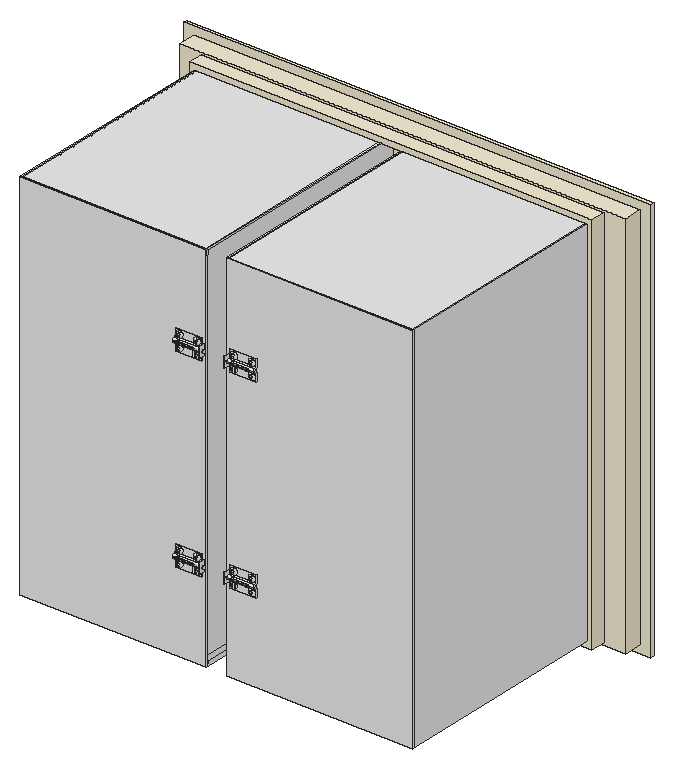
Revit family "Mailboxes_4C-Salsbury_Industries-Rear_Load-7_Door_High_Units", category Specialty Equipment, host Wall, Revit 2016 (continued)
Definition of nested family "3700 Series 4C OM2 Configuration"
  Types (3): name | Access Lock Offset | Access Lock | Model | Description
    (no name) | 0.3125" | no | "3700OM2-RL" | "OM2 Door for 3700 Series 4C Mailboxes-Rear Loading"
    OM2-FL | 0.000" | yes | "3700OM2-FL" | "OM2 Door for 3700 Series 4C Mailboxes-Front Loading"
    OM2-RL | 0.3125" | no | "3700OM2-RL" | "OM2 Door for 3700 Series 4C Mailboxes-Rear Loading"
  Reference planes (in)
    plane 1 "Center (Front/Back)": y = 0
    plane 2 "Bottom of Door": z = 0
    plane 3 "Center (Left/Right)": x = 0
    plane 4 "Left Side Face of Door": x = -6.6875
    plane 5 "Right Side Face of Door": x = 6.6875
    plane 6 "Back Face of Door": y = 0.12695
    plane 7 "Front Face of Door": y = -0.12695
    plane 8: z = 3.23047
    plane 9: z = 1.61523
    plane 10: y = -0.46995
    plane 11 "Center Lock Vertical": x = -4.3275
    plane 12 "Center Lock Horizontal": z = 1.61523
    plane 13 "Face of Lock": y = -0.42383
    plane 14 "Divider Height Align": z = 3.50047
    plane 15 "Plate Center": x = -0.16063
    plane 16 "Left Stud Align": x = -5.7025
    plane 17 "Right Stud Align": x = -2.8895
    plane 18 "Top Stud Align": z = 2.27147
    plane 19 "Bottom Stud Align": z = 0.95947
    plane 20 "Hinge Stud Align": x = 5.6875
    plane 21 "Mail Plate Top": z = 2.61547
    plane 22 "Mail Plate Bottom": z = 0.61547
    plane 23: x = -2.1595
    plane 24: x = 1.8405
    plane 25 "Face of Mail Plate": y = -0.16602
    plane 26 "Top of Mail Drop Door": z = 6.73094
    plane 27 "Top of Mail Drop Divider": z = 7.00047
    plane 28 "Face of Mail Drop": y = -0.31995
    plane 29 "Top of Mail Slot": z = 6.42087
    plane 30 "Bottom of Mail Slot": z = 5.67087
    plane 31 "Left Edge of Mail Slot": x = -5.3755
    plane 32 "Right Edge of Mail Slot": x = 5.3755
    plane 33 "Mail Slot Bottom Protusion": z = 6.50987
    plane 34: y = -0.49395
    plane 35: z = 6.15637
    plane 36 "Front of Awning": y = -1.63495
    plane 37: y = -1.15685
    plane 38 "Mail Slot Slope": through (-240, -0.44582, 6.9722) normal (0, -0.5, 0.866)
    plane 39 "Access Lock Offset": y = 0.43945
  Forms (in)
    Extrusion 1, solid, material <- "Front Panel Material"
      sketch origin (0, 0, 0) x (1, 0, 0) y (0, 1, 0)
        loop
          line (-6.4355, 0.12695) -> (-6.6875, -0.05445) -> (-6.6875, -0.12695) -> (6.05625, -0.12695)
          arc (6.05625, -0.12695) -> (6.19558, -0.17661) -> (6.27209, -0.3032) r 0.22029
          arc (6.27209, -0.3032) -> (6.3553, -0.42132) -> (6.4925, -0.46664) r 0.23034
          arc (6.4925, -0.46664) -> (6.63039, -0.40952) -> (6.6875, -0.27164) r 0.195
          line (6.6875, -0.27164) -> (6.6875, 0.12695) -> (-6.4355, 0.12695)
      from 0 to 3.23047
    Extrusion 2, solid, material <- "Front Panel Material"
      sketch origin (0, 0, 3.50047) x (-1, 0, 0) y (0, -1, 0)
        loop
          line (6.6875, -0.12695) -> (6.6875, 0.46995) -> (-6.6875, 0.46995) -> (-6.6875, -0.12695) -> (6.6875, -0.12695)
      from -0.27 to 0
    Extrusion 3, void
      sketch origin (0, 0.43945, 0) x (0, 0, -1) y (-1, 0, 0)
        loop
          circle (-1.61523, 4.3275) r 0.4375
      from 0 to -0.25391
    Extrusion 4, solid, material <- "Lock Material", visible <- "Access Lock"
      sketch origin (0, 0.43945, 0) x (0, 0, -1) y (-1, 0, 0)
        loop
          circle (-1.61523, 4.3275) r 0.42913
      from 0 to -0.25391
    Extrusion 5, void, detail levels fine
      sketch origin (0, 0.12695, 3.4) x (-1, 0, 0) y (0, 0, 1)
        loop
          line (4.3568, -1.47517) -> (4.2982, -1.47517) -> (4.2982, -2.09436) -> (4.3568, -2.09436) -> (4.3568, -1.47517)
      from -0.12695 to -0.25391
    Blend 6, solid, material <- "Front Panel Material", detail levels medium+fine
      base sketch origin (0, -0.12695, 2.68123) x (-1, 0, 0) y (0, 0, 1)
        loop
          circle (5.7025, -0.40977) r 0.15665
      top sketch origin (0, -0.12695, 2.68123) x (-1, 0, 0) y (0, 0, 1)
        loop
          circle (5.7025, -0.40977) r 0.3125
      from -0.11328 to 0
    Blend 7, solid, material <- "Front Panel Material", detail levels medium+fine
      base sketch origin (1.3125, -0.12695, 2.68123) x (-1, 0, 0) y (0, 0, 1)
        loop
          circle (4.202, -0.40977) r 0.15665
      top sketch origin (1.3125, -0.12695, 2.68123) x (-1, 0, 0) y (0, 0, 1)
        loop
          circle (4.202, -0.40977) r 0.3125
      from -0.11328 to 0
    Blend 8, solid, material <- "Front Panel Material", detail levels medium+fine
      base sketch origin (0, -0.12695, 1.36923) x (-1, 0, 0) y (0, 0, 1)
        loop
          circle (5.7025, -0.40977) r 0.15665
      top sketch origin (0, -0.12695, 1.36923) x (-1, 0, 0) y (0, 0, 1)
        loop
          circle (5.7025, -0.40977) r 0.3125
      from -0.11328 to 0
    Blend 9, solid, material <- "Front Panel Material", detail levels medium+fine
      base sketch origin (1.3125, -0.12695, 1.36923) x (-1, 0, 0) y (0, 0, 1)
        loop
          circle (4.202, -0.40977) r 0.15665
      top sketch origin (1.3125, -0.12695, 1.36923) x (-1, 0, 0) y (0, 0, 1)
        loop
          circle (4.202, -0.40977) r 0.3125
      from -0.11328 to 0
    Blend 10, solid, material <- "Front Panel Material", detail levels medium+fine
      base sketch origin (9.8895, -0.12695, 2.68123) x (-1, 0, 0) y (0, 0, 1)
        loop
          circle (4.202, -0.40977) r 0.15665
      top sketch origin (9.8895, -0.12695, 2.68123) x (-1, 0, 0) y (0, 0, 1)
        loop
          circle (4.202, -0.40977) r 0.3125
      from -0.11328 to 0
    Blend 11, solid, material <- "Front Panel Material", detail levels medium+fine
      base sketch origin (9.8895, -0.12695, 1.36923) x (-1, 0, 0) y (0, 0, 1)
        loop
          circle (4.202, -0.40977) r 0.15665
      top sketch origin (9.8895, -0.12695, 1.36923) x (-1, 0, 0) y (0, 0, 1)
        loop
          circle (4.202, -0.40977) r 0.3125
      from -0.11328 to 0
    Extrusion 12, solid, material <- "Lock Material"
      sketch origin (0, -0.12695, 0) x (-1, 0, 0) y (0, 0, 1)
        loop
          line (1.96028, 2.61547) -> (-1.64128, 2.61547)
          arc (-1.64128, 2.61547) -> (-1.78215, 2.55712) -> (-1.8405, 2.41625) r 0.19922
          line (-1.8405, 2.41625) -> (-1.8405, 0.81469)
          arc (-1.8405, 0.81469) -> (-1.78215, 0.67382) -> (-1.64128, 0.61547) r 0.19922
          line (-1.64128, 0.61547) -> (1.96028, 0.61547)
          arc (1.96028, 0.61547) -> (2.10115, 0.67382) -> (2.1595, 0.81469) r 0.19922
          line (2.1595, 0.81469) -> (2.1595, 2.41625)
          arc (2.1595, 2.41625) -> (2.10115, 2.55712) -> (1.96028, 2.61547) r 0.19922
      from 0 to -0.03906
    Extrusion 13, solid, material <- "Front Panel Material"
      sketch origin (-2.13946, 0, 3.50047) x (-1, 0, 0) y (0, -1, 0)
        loop
          line (4.54804, -0.12695) -> (4.54804, 0.31995) -> (-8.82696, 0.31995) -> (-8.82696, -0.12695) -> (4.54804, -0.12695)
      from 0 to 3.0094
    Extrusion 14, void
      sketch origin (0, -0.31995, 0) x (0, 0, -1) y (-1, 0, 0)
        loop
          arc (-5.67087, 5.0005) -> (-6.04587, 5.3755) -> (-6.42087, 5.0005) r 0.375
          line (-6.42087, 5.0005) -> (-6.42087, -5.0005)
          arc (-6.42087, -5.0005) -> (-6.04587, -5.3755) -> (-5.67087, -5.0005) r 0.375
          line (-5.67087, -5.0005) -> (-5.67087, 5.0005)
      from 0 to 0.44691
    Extrusion 15, solid, material <- "Front Panel Material"
      sketch origin (0, 0, 0) x (0, 1, 0) y (0, 0, 1)
        loop
          line (0.12695, 6.50987) -> (0.12695, 7.00047) -> (-0.46995, 7.00047) -> (-0.75605, 6.83078) -> (-0.73973, 6.80251) -> (-1.27431, 6.49388) -> (-1.29063, 6.52214) -> (-1.61027, 6.3376)
          arc (-1.61027, 6.3376) -> (-1.63087, 6.31111) -> (-1.62714, 6.27777) r 0.04454
          line (-1.62714, 6.27777) -> (-1.5282, 6.17883)
          arc (-1.5282, 6.17883) -> (-1.4937, 6.16211) -> (-1.4558, 6.15637) r 0.12791
          line (-1.4558, 6.15637) -> (-1.10623, 6.15637) -> (-0.49395, 6.50987) -> (0.12695, 6.50987)
      from -6.6875 to 6.6875
  Cuts and joins
    Extrusion 3 cuts Extrusion 1
    Extrusion 5 cuts Extrusion 4
    Extrusion 14 cuts Extrusion 13
  Lines and regions (in)
    symbolic lines
      curve 1: circle (-5.7025, -0.12695, 2.27147) r 0.3125 normal (0, 1, 0)
      curve 2: circle (-5.7025, -0.12695, 0.95947) r 0.3125 normal (0, 1, 0)
      curve 3: circle (-2.8895, -0.12695, 0.95947) r 0.3125 normal (0, 1, 0)
      curve 4: circle (-2.8895, -0.12695, 2.27147) r 0.3125 normal (0, 1, 0)
      curve 5: circle (-4.3275, -0.12695, 1.61523) r 0.42913 normal (0, 1, 0)
      curve 6: circle (5.6875, -0.12695, 0.95947) r 0.3125 normal (0, 1, 0)
      curve 7: circle (5.6875, -0.12695, 2.27147) r 0.3125 normal (0, 1, 0)
      curve 8: arc (-2.1595, -0.12695, 2.41625) -> (-2.10115, -0.12695, 2.55712) -> (-1.96028, -0.12695, 2.61547) r 0.19922
      curve 9: arc (1.8405, -0.12695, 2.41625) -> (1.78215, -0.12695, 2.55712) -> (1.64128, -0.12695, 2.61547) r 0.19922
      curve 10: arc (1.8405, -0.12695, 0.81469) -> (1.78215, -0.12695, 0.67382) -> (1.64128, -0.12695, 0.61547) r 0.19922
      curve 11: arc (-1.96028, -0.12695, 0.61547) -> (-2.10115, -0.12695, 0.67382) -> (-2.1595, -0.12695, 0.81469) r 0.19922
      curve 12: line (-2.1595, -0.12695, 0.81469) -> (-2.1595, -0.12695, 2.41625)
      curve 13: line (-1.96028, -0.12695, 2.61547) -> (1.64128, -0.12695, 2.61547)
      curve 14: line (1.8405, -0.12695, 2.41625) -> (1.8405, -0.12695, 0.81469)
      curve 15: line (1.64128, -0.12695, 0.61547) -> (-1.96028, -0.12695, 0.61547)
  Dimensions and locks (in)
    equal spacing: plane 6 "Back Face of Door", plane 1 "Center (Front/Back)", plane 7 "Front Face of Door"
    "Door Depth": plane 6 "Back Face of Door" to plane 7 "Front Face of Door"
    equal spacing: plane 4 "Left Side Face of Door", plane 3 "Center (Left/Right)", plane 5 "Right Side Face of Door"
    "Door Width": plane 4 "Left Side Face of Door" to plane 5 "Right Side Face of Door"
    plane 8 to level = 3.23047"
    equal spacing: plane 8, plane 9, level
    locked: plane 7 "Front Face of Door" to plane 10 at 0.343
    "Center Lock-Vertical": plane 4 "Left Side Face of Door" to plane 11 "Center Lock Vertical"
    "Center Lock-Horizontal": plane 8 to plane 12 "Center Lock Horizontal"
    locked: plane 14 "Divider Height Align" to plane 8 at 0.27
    plane 4 "Left Side Face of Door" to plane 16 "Left Stud Align" to plane 17 "Right Stud Align" = 0.985", 2.813"
    plane 8 to plane 18 "Top Stud Align" to plane 19 "Bottom Stud Align" = 0.959", 1.312"
    plane 20 "Hinge Stud Align" to plane 5 "Right Side Face of Door" = 1.000"
    plane 8 to plane 21 "Mail Plate Top" to plane 22 "Mail Plate Bottom" = 0.615", 2.000"
    plane 4 "Left Side Face of Door" to plane 23 to plane 24 = 4.528", 4.000"
    plane 27 "Top of Mail Drop Divider" to plane 26 "Top of Mail Drop Door" to plane 14 "Divider Height Align" = 0.26953" locked, 3.23047"
    "Door Height": plane 27 "Top of Mail Drop Divider" to level
    plane 28 "Face of Mail Drop" to plane 10 = 0.150"
    locked: plane 27 "Top of Mail Drop Divider" to plane 29 "Top of Mail Slot" at 0.5796
    locked: plane 29 "Top of Mail Slot" to plane 30 "Bottom of Mail Slot" at 0.75
    locked: plane 4 "Left Side Face of Door" to plane 31 "Left Edge of Mail Slot" at 1.312
    locked: plane 32 "Right Edge of Mail Slot" to plane 5 "Right Side Face of Door" at 1.312
    locked: plane 33 "Mail Slot Bottom Protusion" to plane 29 "Top of Mail Slot" at 0.089
    plane 28 "Face of Mail Drop" to plane 34 = 0.174"
    plane 33 "Mail Slot Bottom Protusion" to plane 35 = 0.3535"
    plane 28 "Face of Mail Drop" to plane 36 "Front of Awning" = 1.315"
    plane 4 "Left Side Face of Door" to plane 5 "Right Side Face of Door" = 13.375"
    plane 6 "Back Face of Door" to plane 36 "Front of Awning" = 1.76191"
    "Access Lock Offset": plane 39 "Access Lock Offset" to plane 6 "Back Face of Door"
    aligned and locked: level to plane 2 "Bottom of Door"
    aligned and locked: plane 4 "Left Side Face of Door" to Extrusion 1
    aligned and locked: plane 6 "Back Face of Door" to Extrusion 1
    aligned and locked: plane 7 "Front Face of Door" to Extrusion 1
    aligned and locked: Extrusion 1 to level
    aligned and locked: plane 8 to Extrusion 1
    aligned and locked: Extrusion 2 sketch curve to plane 4 "Left Side Face of Door"
    aligned and locked: Extrusion 2 sketch curve to plane 6 "Back Face of Door"
    aligned and locked: plane 5 "Right Side Face of Door" to Extrusion 2 sketch curve
    aligned and locked: Extrusion 2 to plane 8
    aligned and locked: plane 10 to Extrusion 2 sketch curve
    aligned and locked: plane 14 "Divider Height Align" to Extrusion 2
    aligned and locked: plane 4 "Left Side Face of Door" to Extrusion 2
    aligned and locked: Extrusion 2 to plane 5 "Right Side Face of Door"
    aligned and locked: Extrusion 13 to plane 28 "Face of Mail Drop"
    aligned and locked: plane 29 "Top of Mail Slot" to Extrusion 14 sketch curve
    aligned and locked: cut or joined group of Extrusion 13, Extrusion 14 to cut or joined group of Extrusion 13, Extrusion 14
    aligned and locked: cut or joined group of Extrusion 1, Extrusion 3 to plane 2 "Bottom of Door"
  Automatic sketch dimensions
    Extrusion 1 sketch curve to plane 4 "Left Side Face of Door" = 0.000"
    Extrusion 1 sketch curve to plane 6 "Back Face of Door" = 0.000"
    Extrusion 1 sketch curve to plane 7 "Front Face of Door" = 0.000"
    Extrusion 1 sketch curve to plane 5 "Right Side Face of Door" = 0.000"
    Extrusion 1 sketch curve to plane 4 "Left Side Face of Door" = 0.252"
    Extrusion 1 sketch curve to plane 20 "Hinge Stud Align" = 0.36875"
    Extrusion 1 sketch curve to plane 25 "Face of Mail Plate" = 0.07029"
    plane 5 "Right Side Face of Door" to Extrusion 1 sketch curve = 0.195"
    Extrusion 1 sketch curve to plane 25 "Face of Mail Plate" = 0.10562"
    Extrusion 1 sketch curve to plane 13 "Face of Lock" = 0.07658"
    plane 1 "Center (Front/Back)" to Extrusion 1 sketch curve = 0.05445"
    Extrusion 1 sketch curve to plane 13 "Face of Lock" = 0.12063"
    Extrusion 5 sketch curve to plane 11 "Center Lock Vertical" = 0.0293"
    plane 11 "Center Lock Vertical" to Extrusion 5 sketch curve = 0.0293"
    Extrusion 5 sketch curve to plane 9 = 0.30959"
    plane 9 to Extrusion 5 sketch curve = 0.30959"
    plane 16 "Left Stud Align" to Blend 6 sketch curve = 0.000"  (x2)
    Blend 6 sketch curve to plane 18 "Top Stud Align" = 0.000"  (x2)
    plane 17 "Right Stud Align" to Blend 7 sketch curve = 0.000"  (x2)
    Blend 7 sketch curve to plane 18 "Top Stud Align" = 0.000"  (x2)
    plane 16 "Left Stud Align" to Blend 8 sketch curve = 0.000"  (x2)
    Blend 8 sketch curve to plane 19 "Bottom Stud Align" = 0.000"  (x2)
    plane 17 "Right Stud Align" to Blend 9 sketch curve = 0.000"  (x2)
    Blend 9 sketch curve to plane 19 "Bottom Stud Align" = 0.000"  (x2)
    Blend 10 sketch curve to plane 18 "Top Stud Align" = 0.000"  (x2)
    plane 20 "Hinge Stud Align" to Blend 10 sketch curve = 0.000"  (x2)
    Blend 11 sketch curve to plane 19 "Bottom Stud Align" = 0.000"  (x2)
    plane 20 "Hinge Stud Align" to Blend 11 sketch curve = 0.000"  (x2)
    plane 24 to Extrusion 12 sketch curve = 0.000"
    Extrusion 12 sketch curve to plane 22 "Mail Plate Bottom" = 0.000"
    Extrusion 12 sketch curve to plane 21 "Mail Plate Top" = 0.000"
    plane 23 to Extrusion 12 sketch curve = 0.000"
    plane 24 to Extrusion 12 sketch curve = 0.19922"  (x2)
    plane 18 "Top Stud Align" to Extrusion 12 sketch curve = 0.14478"
    Extrusion 12 sketch curve to plane 23 = 0.19922"
    Extrusion 13 sketch curve to plane 5 "Right Side Face of Door" = 0.000"
    Extrusion 13 sketch curve to plane 4 "Left Side Face of Door" = 0.000"
    Extrusion 13 sketch curve to plane 6 "Back Face of Door" = 0.000"
    Extrusion 13 sketch curve to plane 7 "Front Face of Door" = 0.193"
    Extrusion 14 sketch curve to plane 30 "Bottom of Mail Slot" = 0.000"
    plane 32 "Right Edge of Mail Slot" to Extrusion 14 sketch curve = 0.375"
    Extrusion 14 sketch curve to plane 31 "Left Edge of Mail Slot" = 0.375"
    Extrusion 15 sketch curve to plane 35 = 0.000"
    Extrusion 15 sketch curve to plane 33 "Mail Slot Bottom Protusion" = 0.000"
    Extrusion 15 sketch curve to plane 34 = 0.000"
    Extrusion 15 sketch curve to plane 27 "Top of Mail Drop Divider" = 0.000"
    Extrusion 15 sketch curve to plane 6 "Back Face of Door" = 0.000"
    plane 26 "Top of Mail Drop Door" to Extrusion 15 sketch curve = 0.07158"
    Extrusion 15 sketch curve to plane 34 = 0.24578"
    plane 26 "Top of Mail Drop Door" to Extrusion 15 sketch curve = 0.09984"
    Extrusion 15 sketch curve to Extrusion 15 sketch curve = 0.01632"
    plane 37 to Extrusion 15 sketch curve = 0.05062"
    Extrusion 15 sketch curve to plane 33 "Mail Slot Bottom Protusion" = 0.01599"
    plane 33 "Mail Slot Bottom Protusion" to Extrusion 15 sketch curve = 0.01227"
    plane 36 "Front of Awning" to Extrusion 15 sketch curve = 0.17915"
    plane 35 to Extrusion 15 sketch curve = 0.02246"
    Extrusion 15 sketch curve to Extrusion 15 sketch curve = 0.0724"
    plane 36 "Front of Awning" to Extrusion 15 sketch curve = 0.04696"
    plane 36 "Front of Awning" to Extrusion 15 sketch curve = 0.02469"
    plane 36 "Front of Awning" to Extrusion 15 sketch curve = 0.00781"
    Extrusion 15 sketch curve to Extrusion 15 sketch curve = 0.05983"
    Extrusion 4 sketch curve to plane 9 = 0.000"
    plane 11 "Center Lock Vertical" to Extrusion 4 sketch curve = 0.000"
    Extrusion 3 sketch curve to plane 9 = 0.000"
    plane 11 "Center Lock Vertical" to Extrusion 3 sketch curve = 0.000"
    curve 6 to plane 19 "Bottom Stud Align" = 0.000"
    plane 20 "Hinge Stud Align" to curve 6 = 0.000"
    curve 7 to plane 18 "Top Stud Align" = 0.000"
    plane 20 "Hinge Stud Align" to curve 7 = 0.000"
    plane 24 to curve 14 = 0.000"
    curve 9 to plane 21 "Mail Plate Top" = 0.000"
    curve 11 to plane 22 "Mail Plate Bottom" = 0.000"
    plane 23 to curve 12 = 0.000"
    plane 17 "Right Stud Align" to curve 4 = 0.000"
    plane 17 "Right Stud Align" to curve 3 = 0.000"
    curve 5 to plane 9 = 0.000"
    plane 11 "Center Lock Vertical" to curve 5 = 0.000"
    plane 16 "Left Stud Align" to curve 1 = 0.000"
    plane 16 "Left Stud Align" to curve 2 = 0.000"
    curve 2 to plane 19 "Bottom Stud Align" = 0.000"
    curve 3 to plane 19 "Bottom Stud Align" = 0.000"
    curve 1 to plane 18 "Top Stud Align" = 0.000"
    curve 4 to plane 18 "Top Stud Align" = 0.000"
    plane 18 "Top Stud Align" to curve 9 = 0.14478"
    curve 10 to plane 19 "Bottom Stud Align" = 0.14478"
    plane 18 "Top Stud Align" to curve 8 = 0.14478"
    curve 11 to plane 19 "Bottom Stud Align" = 0.14478"
    radius of Blend 6 sketch curve = 0.15665"
    radius of Blend 6 sketch curve = 0.3125"
    radius of Blend 7 sketch curve = 0.15665"
    radius of Blend 7 sketch curve = 0.3125"
    radius of Blend 8 sketch curve = 0.15665"
    radius of Blend 8 sketch curve = 0.3125"
    radius of Blend 9 sketch curve = 0.15665"
    radius of Blend 9 sketch curve = 0.3125"
    radius of Blend 10 sketch curve = 0.15665"
    radius of Blend 10 sketch curve = 0.3125"
    radius of Blend 11 sketch curve = 0.15665"
    radius of Blend 11 sketch curve = 0.3125"
    radius of Extrusion 4 sketch curve = 0.42913"
    radius of Extrusion 3 sketch curve = 0.4375"
    radius of curve 1 = 0.3125"
    radius of curve 2 = 0.3125"
    radius of curve 3 = 0.3125"
    radius of curve 4 = 0.3125"
    radius of curve 5 = 0.42913"
    radius of curve 6 = 0.3125"
    radius of curve 7 = 0.3125"
Definition of nested family "4C Latch Lock"
  Parameters (values of type "Lock Latch")
    Width = 1.750"
    Type Comments = "Lock Latch for Aluminum Mailboxes"
    Visible Latch = yes
    Manufacturer = "Salsbury Industries"
    Height = 1.375"
    Depth = 0.244"
    Back Enclosure Material = none
  Reference planes (in)
    plane 1 "Center (Front/Back)": y = 0
    plane 2 "left": z = 0
    plane 3 "Center (Left/Right)": x = 0
    plane 4 "top": x = -0.875
    plane 5 "bottom": x = 0.875
    plane 6 "Front": y = 0.122
    plane 7 "Back": y = -0.122
    plane 8 "Vertical Center": z = 0.6875
    plane 9 "right": z = 1.375
    plane 10: x = -1
    plane 11: x = -1.125
  Forms (in)
    Extrusion 1, solid, material <- "Back Enclosure Material", visible <- "Visible Latch", detail levels medium+fine
      sketch origin (-0.67187, 0, 0.67188) x (0, 0, -1) y (0, 1, 0)
        loop
          line (-0.22131, -0.0902) -> (-0.70312, -0.0902) -> (-0.70312, -0.12209) -> (-0.22129, -0.12209)
          arc (-0.22129, -0.12209) -> (-0.1389, -0.08579) -> (-0.11009, -0.00048) r 0.11165
          arc (-0.11009, -0.00048) -> (-0.01599, 0.09362) -> (0.07812, -0.00048) r 0.09411
          arc (0.07812, -0.00048) -> (0.10866, -0.08591) -> (0.19189, -0.122) r 0.11401
          line (0.19189, -0.122) -> (0.67187, -0.122) -> (0.67187, -0.08954) -> (0.19205, -0.08954)
          arc (0.19205, -0.08954) -> (0.13091, -0.06294) -> (0.10869, -0.00006) r 0.08357
          arc (0.10869, -0.00006) -> (-0.01625, 0.12487) -> (-0.14118, -0.00006) r 0.12494
          arc (-0.14118, -0.00006) -> (-0.16101, -0.06312) -> (-0.22131, -0.0902) r 0.08069
      from -0.20313 to 1.54687
    Extrusion 2, void, detail levels medium+fine
      sketch origin (-0.86719, 0.122, 0.78906) x (0, 0, -1) y (1, 0, 0)
        loop
          line (0.02064, 1.43976) -> (0.02064, 0.31562) -> (0.29045, 0.31562) -> (0.29045, 0.47278) -> (0.12796, 0.47278) -> (0.12796, 1.28526) -> (0.27447, 1.28526) -> (0.27447, 1.43976) -> (0.02064, 1.43976)
      from -0.01091 to 0.1442
    Blend 3, solid, material <- "Back Enclosure Material", visible <- "Visible Latch", detail levels fine
      base sketch origin (-0.95312, 0.122, 0.96875) x (0, 0, -1) y (1, 0, 0)
        loop
          circle (-0.1252, 1.55349) r 0.1
      top sketch origin (-0.95312, 0.122, 0.96875) x (0, 0, -1) y (1, 0, 0)
        loop
          circle (-0.1252, 1.55349) r 0.215
      from 0.16742 to 0.21154
    Blend 4, solid, material <- "Back Enclosure Material", visible <- "Visible Latch", detail levels fine
      base sketch origin (-0.95312, 0.122, -0.54015) x (0, 0, -1) y (1, 0, 0)
        loop
          circle (-0.8037, 1.55349) r 0.1
      top sketch origin (-0.95312, 0.122, -0.54015) x (0, 0, -1) y (1, 0, 0)
        loop
          circle (-0.8037, 1.55349) r 0.215
      from 0.16742 to 0.21154
    Blend 5, solid, material <- "Back Enclosure Material", visible <- "Visible Latch", detail levels fine
      base sketch origin (-1.95312, 0.122, 0.96875) x (0, 0, -1) y (1, 0, 0)
        loop
          circle (-0.1252, 1.36599) r 0.1
      top sketch origin (-1.95312, 0.122, 0.96875) x (0, 0, -1) y (1, 0, 0)
        loop
          circle (-0.1252, 1.36599) r 0.215
      from 0.16742 to 0.21154
    Blend 6, solid, material <- "Back Enclosure Material", visible <- "Visible Latch", detail levels fine
      base sketch origin (-1.95312, 0.122, -0.55578) x (0, 0, -1) y (1, 0, 0)
        loop
          circle (-0.8037, 1.36599) r 0.1
      top sketch origin (-1.95312, 0.122, -0.55578) x (0, 0, -1) y (1, 0, 0)
        loop
          circle (-0.8037, 1.36599) r 0.215
      from 0.16742 to 0.21154
    Extrusion 7, solid, material <- "Back Enclosure Material", visible <- "Visible Latch", detail levels medium+fine
      sketch origin (-1.22585, -7.77812, 0.87452) x (0, 0, -1) y (0, 1, 0)
        loop
          circle (0.18702, 7.77784) r 0.09014
      from 0.10085 to 2.10085
    Extrusion 8, solid, material <- "Back Enclosure Material", visible <- "Visible Latch", detail levels medium+fine
      sketch origin (-0.59584, -7.78798, 0.67188) x (1, 0, 0) y (0, 1, 0)
        loop
          circle (0.12087, 7.81979) r 0.05
      from 0.01562 to -0.5
    Extrusion 9, solid, material <- "Back Enclosure Material", visible <- "Visible Latch", detail levels medium+fine
      sketch origin (-1.09375, -0.02845, 1.02999) x (0, 0, -1) y (1, 0, 0)
        loop
          line (0.68574, 0.09375) -> (0.68574, 0.12475) -> (-0.00176, 0.12475) -> (-0.00176, 0.09375) -> (0.68574, 0.09375)
      from -0.25 to 0.09355
    Extrusion 10, void, detail levels medium+fine
      sketch origin (-0.969, -7.77845, 0.87437) x (0, 0, -1) y (0, -1, 0)
        loop
          circle (0.18637, -7.77776) r 0.09325
      from 0 to 0.031
  Cuts and joins
    Extrusion 2 cuts Extrusion 1
    Extrusion 10 cuts Extrusion 9
  Lines and regions (in)
    symbolic lines
      curve 1: line (0.875, 0.122, 1.375) -> (-0.875, 0.122, 1.375)
      curve 2: line (0.875, 0.122, 0) -> (0.875, 0.122, 1.375)
      curve 3: line (-0.875, 0.122, 0) -> (0.875, 0.122, 0)
      curve 4: line (-0.875, 0.122, 1.375) -> (-0.875, 0.122, 0)
      curve 5: line (-0.875, 0.122, 0.78197) -> (-1.125, 0.122, 0.78197)
      curve 6: line (-1.125, 0.122, 0.78197) -> (-1.125, 0.122, 0.59736)
      curve 7: line (-1.125, 0.122, 0.59736) -> (-0.875, 0.122, 0.59736)
  Dimensions and locks (in)
    equal spacing: plane 7 "Back", plane 1 "Center (Front/Back)", plane 6 "Front"
    "Depth": plane 7 "Back" to plane 6 "Front"
    equal spacing: plane 4 "top", plane 3 "Center (Left/Right)", plane 5 "bottom"
    "Width": plane 4 "top" to plane 5 "bottom"
    equal spacing: plane 9 "right", plane 8 "Vertical Center", plane 2 "left"
    "Height": plane 9 "right" to plane 2 "left"
    plane 10 to plane 4 "top" = 0.125"
    plane 11 to plane 4 "top" = 0.250"
    plane 10 to plane 11 = 0.125"
    aligned and locked: level to plane 2 "left"
    aligned and locked: curve 1 to cut or joined group of Extrusion 1, Extrusion 2
    aligned and locked: curve 2 to cut or joined group of Extrusion 1, Extrusion 2
    aligned and locked: curve 3 to cut or joined group of Extrusion 1, Extrusion 2
    aligned and locked: curve 4 to cut or joined group of Extrusion 1, Extrusion 2
  Automatic sketch dimensions
    Extrusion 1 sketch curve to plane 7 "Back" = 0.000"
    Extrusion 1 sketch curve to plane 7 "Back" = 0.0318"
    plane 9 "right" to Extrusion 1 sketch curve = 0.000"
    Extrusion 1 sketch curve to plane 8 "Vertical Center" = 0.20569"
    plane 7 "Back" to Extrusion 1 sketch curve = 0.00009"
    Extrusion 1 sketch curve to plane 8 "Vertical Center" = 0.20567"
    plane 1 "Center (Front/Back)" to Extrusion 1 sketch curve = 0.00006"
    Extrusion 1 sketch curve to plane 8 "Vertical Center" = 0.00062"
    Extrusion 1 sketch curve to Extrusion 1 sketch curve = 0.00026"
    Extrusion 1 sketch curve to Extrusion 1 sketch curve = 0.20788"
    Extrusion 1 sketch curve to Extrusion 1 sketch curve = 0.00016"
    Extrusion 1 sketch curve to level = 0.000"
    Extrusion 1 sketch curve to plane 7 "Back" = 0.03246"
    plane 1 "Center (Front/Back)" to Extrusion 1 sketch curve = 0.01045"
    Extrusion 1 sketch curve to Extrusion 1 sketch curve = 0.00094"
    Extrusion 1 sketch curve to Extrusion 1 sketch curve = 0.00201"
    Extrusion 2 sketch curve to plane 8 "Vertical Center" = 0.08092"
    plane 5 "bottom" to Extrusion 2 sketch curve = 0.45693"
    plane 8 "Vertical Center" to Extrusion 2 sketch curve = 0.0264"
    Extrusion 2 sketch curve to Extrusion 2 sketch curve = 0.16249"
    Extrusion 2 sketch curve to Extrusion 2 sketch curve = 0.14651"
    Extrusion 2 sketch curve to plane 3 "Center (Left/Right)" = 0.3944"
    Extrusion 2 sketch curve to plane 4 "top" = 0.32343"
    plane 5 "bottom" to Extrusion 2 sketch curve = 0.30243"
    plane 5 "bottom" to Blend 3 sketch curve = 0.27463"  (x2)
    Blend 3 sketch curve to plane 8 "Vertical Center" = 0.40645"  (x2)
    plane 5 "bottom" to Blend 4 sketch curve = 0.27463"  (x2)
    level to Blend 4 sketch curve = 0.26355"  (x2)
    Blend 5 sketch curve to plane 8 "Vertical Center" = 0.40645"  (x2)
    Blend 5 sketch curve to plane 3 "Center (Left/Right)" = 0.58713"  (x2)
    level to Blend 6 sketch curve = 0.24792"  (x2)
    Blend 6 sketch curve to plane 3 "Center (Left/Right)" = 0.58713"  (x2)
    plane 1 "Center (Front/Back)" to Extrusion 7 sketch curve = 0.00028"
    plane 8 "Vertical Center" to Extrusion 7 sketch curve = 0.000"
    Extrusion 8 sketch curve to plane 1 "Center (Front/Back)" = 0.03181"
    Extrusion 8 sketch curve to plane 4 "top" = 0.40003"
    Extrusion 9 sketch curve to plane 8 "Vertical Center" = 0.34425"
    level to Extrusion 9 sketch curve = 0.34425"
    plane 4 "top" to Extrusion 9 sketch curve = 0.125"
    Extrusion 9 sketch curve to Extrusion 9 sketch curve = 0.031"
    plane 1 "Center (Front/Back)" to Extrusion 10 sketch curve = 0.0007"
    Extrusion 10 sketch curve to plane 8 "Vertical Center" = 0.0005"
    curve 6 to plane 11 = 0.000"
    curve 5 to plane 8 "Vertical Center" = 0.09447"
    plane 8 "Vertical Center" to curve 6 = 0.09014"
    radius of Blend 3 sketch curve = 0.100"
    radius of Blend 3 sketch curve = 0.215"
    radius of Blend 4 sketch curve = 0.100"
    radius of Blend 4 sketch curve = 0.215"
    radius of Blend 5 sketch curve = 0.100"
    radius of Blend 5 sketch curve = 0.215"
    radius of Blend 6 sketch curve = 0.100"
    radius of Blend 6 sketch curve = 0.215"
    radius of Extrusion 7 sketch curve = 0.09014"
    radius of Extrusion 8 sketch curve = 0.050"
    radius of Extrusion 10 sketch curve = 0.09325"
Definition of nested family "4C Latch Lock-Left"
  Parameters (values of type "Lock Latch")
    Width = 1.750"
    Type Comments = "Lock Latch for Aluminum Mailboxes"
    Visible Latch = yes
    Manufacturer = "Salsbury Industries"
    Height = 1.375"
    Depth = 0.244"
    Back Enclosure Material = none
  Reference planes (in)
    plane 1 "Center (Front/Back)": y = 0
    plane 2 "left": z = 0
    plane 3 "Center (Left/Right)": x = 0
    plane 4 "top": x = -0.875
    plane 5 "bottom": x = 0.875
    plane 6 "Front": y = 0.122
    plane 7 "Back": y = -0.122
    plane 8 "Vertical Center": z = 0.6875
    plane 9 "right": z = 1.375
    plane 10: x = 1
    plane 11: x = 1.125
  Forms (in)
    Extrusion 1, solid, material <- "Back Enclosure Material", visible <- "Visible Latch", detail levels medium+fine
      sketch origin (-0.67187, 0, 0.67188) x (0, 0, -1) y (0, 1, 0)
        loop
          line (-0.22131, -0.0902) -> (-0.70312, -0.0902) -> (-0.70312, -0.12209) -> (-0.22129, -0.12209)
          arc (-0.22129, -0.12209) -> (-0.1389, -0.08579) -> (-0.11009, -0.00048) r 0.11165
          arc (-0.11009, -0.00048) -> (-0.01599, 0.09362) -> (0.07812, -0.00048) r 0.09411
          arc (0.07812, -0.00048) -> (0.10866, -0.08591) -> (0.19189, -0.122) r 0.11401
          line (0.19189, -0.122) -> (0.67187, -0.122) -> (0.67187, -0.08954) -> (0.19205, -0.08954)
          arc (0.19205, -0.08954) -> (0.13091, -0.06294) -> (0.10869, -0.00006) r 0.08357
          arc (0.10869, -0.00006) -> (-0.01625, 0.12487) -> (-0.14118, -0.00006) r 0.12494
          arc (-0.14118, -0.00006) -> (-0.16101, -0.06312) -> (-0.22131, -0.0902) r 0.08069
      from -0.20313 to 1.54687
    Extrusion 2, void
      sketch origin (-0.86719, 0.122, 0.78906) x (0, 0, -1) y (1, 0, 0)
        loop
          line (0.02064, 1.43976) -> (0.02064, 0.31562) -> (0.29045, 0.31562) -> (0.29045, 0.47278) -> (0.12796, 0.47278) -> (0.12796, 1.28526) -> (0.27447, 1.28526) -> (0.27447, 1.43976) -> (0.02064, 1.43976)
      from -0.01091 to 0.1442
    Blend 3, solid, material <- "Back Enclosure Material", visible <- "Visible Latch", detail levels fine
      base sketch origin (-0.95312, 0.122, 0.96875) x (0, 0, -1) y (1, 0, 0)
        loop
          circle (-0.1252, 1.55349) r 0.1
      top sketch origin (-0.95312, 0.122, 0.96875) x (0, 0, -1) y (1, 0, 0)
        loop
          circle (-0.1252, 1.55349) r 0.215
      from 0.16742 to 0.21154
    Blend 4, solid, material <- "Back Enclosure Material", visible <- "Visible Latch", detail levels fine
      base sketch origin (-0.95312, 0.122, -0.54015) x (0, 0, -1) y (1, 0, 0)
        loop
          circle (-0.8037, 1.55349) r 0.1
      top sketch origin (-0.95312, 0.122, -0.54015) x (0, 0, -1) y (1, 0, 0)
        loop
          circle (-0.8037, 1.55349) r 0.215
      from 0.16742 to 0.21154
    Blend 5, solid, material <- "Back Enclosure Material", visible <- "Visible Latch", detail levels fine
      base sketch origin (-1.95312, 0.122, 0.96875) x (0, 0, -1) y (1, 0, 0)
        loop
          circle (-0.1252, 1.36599) r 0.1
      top sketch origin (-1.95312, 0.122, 0.96875) x (0, 0, -1) y (1, 0, 0)
        loop
          circle (-0.1252, 1.36599) r 0.215
      from 0.16742 to 0.21154
    Blend 6, solid, material <- "Back Enclosure Material", visible <- "Visible Latch", detail levels fine
      base sketch origin (-1.95312, 0.122, -0.55578) x (0, 0, -1) y (1, 0, 0)
        loop
          circle (-0.8037, 1.36599) r 0.1
      top sketch origin (-1.95312, 0.122, -0.55578) x (0, 0, -1) y (1, 0, 0)
        loop
          circle (-0.8037, 1.36599) r 0.215
      from 0.16742 to 0.21154
    Extrusion 7, solid, material <- "Back Enclosure Material", visible <- "Visible Latch", detail levels medium+fine
      sketch origin (-1.22585, -7.77812, 0.87452) x (0, 0, -1) y (0, 1, 0)
        loop
          circle (0.18702, 7.77784) r 0.09014
      from 0.35085 to 2.35085
    Extrusion 8, solid, material <- "Back Enclosure Material", visible <- "Visible Latch", detail levels medium+fine
      sketch origin (0.37291, -7.78798, 0.67188) x (1, 0, 0) y (0, 1, 0)
        loop
          circle (0.12087, 7.81979) r 0.05
      from 0.01562 to -0.5
    Extrusion 9, solid, material <- "Back Enclosure Material", visible <- "Visible Latch", detail levels medium+fine
      sketch origin (0.87525, -0.02845, 1.02999) x (0, 0, -1) y (1, 0, 0)
        loop
          line (0.68574, 0.09375) -> (0.68574, 0.12475) -> (-0.00176, 0.12475) -> (-0.00176, 0.09375) -> (0.68574, 0.09375)
      from -0.25 to 0.09355
    Extrusion 10, void
      sketch origin (1, -7.77845, 0.87437) x (0, 0, -1) y (0, -1, 0)
        loop
          circle (0.18637, -7.77776) r 0.09325
      from 0 to 0.031
  Cuts and joins
    Extrusion 2 cuts Extrusion 1
    Extrusion 10 cuts Extrusion 9
  Lines and regions (in)
    symbolic lines
      curve 1: line (0.875, 0.122, 1.375) -> (-0.875, 0.122, 1.375)
      curve 2: line (0.875, 0.122, 0) -> (0.875, 0.122, 1.375)
      curve 3: line (-0.875, 0.122, 0) -> (0.875, 0.122, 0)
      curve 4: line (-0.875, 0.122, 1.375) -> (-0.875, 0.122, 0)
      curve 5: line (0.875, 0.122, 0.78197) -> (1.125, 0.122, 0.78197)
      curve 6: line (1.125, 0.122, 0.78197) -> (1.125, 0.122, 0.59736)
      curve 7: line (1.125, 0.122, 0.59736) -> (0.875, 0.122, 0.59736)
  Dimensions and locks (in)
    equal spacing: plane 7 "Back", plane 1 "Center (Front/Back)", plane 6 "Front"
    "Depth": plane 7 "Back" to plane 6 "Front"
    equal spacing: plane 4 "top", plane 3 "Center (Left/Right)", plane 5 "bottom"
    "Width": plane 4 "top" to plane 5 "bottom"
    equal spacing: plane 9 "right", plane 8 "Vertical Center", plane 2 "left"
    "Height": plane 9 "right" to plane 2 "left"
    plane 4 "top" to plane 10 = 1.875"
    plane 5 "bottom" to plane 11 = 0.250"
    plane 11 to plane 10 = 0.125"
    aligned and locked: level to plane 2 "left"
    aligned and locked: curve 1 to cut or joined group of Extrusion 1, Extrusion 2
    aligned and locked: curve 2 to cut or joined group of Extrusion 1, Extrusion 2
    aligned and locked: curve 3 to cut or joined group of Extrusion 1, Extrusion 2
    aligned and locked: curve 4 to cut or joined group of Extrusion 1, Extrusion 2
  Automatic sketch dimensions
    Extrusion 1 sketch curve to plane 7 "Back" = 0.000"
    Extrusion 1 sketch curve to plane 7 "Back" = 0.0318"
    plane 9 "right" to Extrusion 1 sketch curve = 0.000"
    Extrusion 1 sketch curve to plane 8 "Vertical Center" = 0.20569"
    plane 7 "Back" to Extrusion 1 sketch curve = 0.00009"
    Extrusion 1 sketch curve to plane 8 "Vertical Center" = 0.20567"
    plane 1 "Center (Front/Back)" to Extrusion 1 sketch curve = 0.00006"
    Extrusion 1 sketch curve to plane 8 "Vertical Center" = 0.00062"
    Extrusion 1 sketch curve to Extrusion 1 sketch curve = 0.00026"
    Extrusion 1 sketch curve to Extrusion 1 sketch curve = 0.20788"
    Extrusion 1 sketch curve to Extrusion 1 sketch curve = 0.00016"
    Extrusion 1 sketch curve to level = 0.000"
    Extrusion 1 sketch curve to plane 7 "Back" = 0.03246"
    plane 1 "Center (Front/Back)" to Extrusion 1 sketch curve = 0.01045"
    Extrusion 1 sketch curve to Extrusion 1 sketch curve = 0.00094"
    Extrusion 1 sketch curve to Extrusion 1 sketch curve = 0.00201"
    Extrusion 2 sketch curve to plane 8 "Vertical Center" = 0.08092"
    plane 5 "bottom" to Extrusion 2 sketch curve = 0.45693"
    plane 8 "Vertical Center" to Extrusion 2 sketch curve = 0.0264"
    Extrusion 2 sketch curve to Extrusion 2 sketch curve = 0.16249"
    Extrusion 2 sketch curve to Extrusion 2 sketch curve = 0.14651"
    Extrusion 2 sketch curve to plane 3 "Center (Left/Right)" = 0.3944"
    Extrusion 2 sketch curve to plane 4 "top" = 0.32343"
    plane 5 "bottom" to Extrusion 2 sketch curve = 0.30243"
    plane 5 "bottom" to Blend 3 sketch curve = 0.27463"  (x2)
    Blend 3 sketch curve to plane 8 "Vertical Center" = 0.40645"  (x2)
    plane 5 "bottom" to Blend 4 sketch curve = 0.27463"  (x2)
    level to Blend 4 sketch curve = 0.26355"  (x2)
    Blend 5 sketch curve to plane 8 "Vertical Center" = 0.40645"  (x2)
    Blend 5 sketch curve to plane 3 "Center (Left/Right)" = 0.58713"  (x2)
    level to Blend 6 sketch curve = 0.24792"  (x2)
    Blend 6 sketch curve to plane 3 "Center (Left/Right)" = 0.58713"  (x2)
    plane 1 "Center (Front/Back)" to Extrusion 7 sketch curve = 0.00028"
    plane 8 "Vertical Center" to Extrusion 7 sketch curve = 0.000"
    Extrusion 8 sketch curve to plane 1 "Center (Front/Back)" = 0.03181"
    Extrusion 8 sketch curve to plane 4 "top" = 1.36878"
    Extrusion 9 sketch curve to plane 8 "Vertical Center" = 0.34425"
    level to Extrusion 9 sketch curve = 0.34425"
    Extrusion 9 sketch curve to plane 4 "top" = 1.844"
    Extrusion 9 sketch curve to Extrusion 9 sketch curve = 0.031"
    plane 1 "Center (Front/Back)" to Extrusion 10 sketch curve = 0.0007"
    Extrusion 10 sketch curve to plane 8 "Vertical Center" = 0.0005"
    curve 7 to plane 11 = 0.000"
    curve 5 to plane 8 "Vertical Center" = 0.09447"
    plane 8 "Vertical Center" to curve 6 = 0.09014"
    radius of Blend 3 sketch curve = 0.100"
    radius of Blend 3 sketch curve = 0.215"
    radius of Blend 4 sketch curve = 0.100"
    radius of Blend 4 sketch curve = 0.215"
    radius of Blend 5 sketch curve = 0.100"
    radius of Blend 5 sketch curve = 0.215"
    radius of Blend 6 sketch curve = 0.100"
    radius of Blend 6 sketch curve = 0.215"
    radius of Extrusion 7 sketch curve = 0.09014"
    radius of Extrusion 8 sketch curve = 0.050"
    radius of Extrusion 10 sketch curve = 0.09325"
Types (7): name | Width | Vertical Center Divider | Type Comments | Right Inside Wall | Model | Left Inside Wall | Latch Locks-Left Side | Latch Alignment | Door Slot R7 Number | Door Slot R7 | Door Slot R6 Number | Door Slot R6 | Door Slot R5 Number | Door Slot R5 | Door Slot R4 | Door Slot R2 Number | Door Slot R2 | Door Slot R1 Number | Door Slot R1 | Door Slot L7 Number | Door Slot L7 | Door Slot L6 Number | Door Slot L6 | Door Slot L5 Number | Door Slot L5 | Door Slot L4 Number | Door Slot L4 | Door Slot L3 Number | Door Slot L3 | Door Slot L2 Number | Door Slot L2 | Door Slot L1 Number | Door Slot L1 | Description | Center Extrusion Offset | Above Finished Floor (AFF-Bottom of Unit) | Above Finished Floor (AFF-Bottom Shelf)
  3707S-1B RL | 16.344" | no | "4C Horizontal Receptacle Bin - Rear Loading" | no | "3707S-1B RL" | no | no | 13.876" | "0" | 4C-7 Door High Receptacle : 4C-7 Door High Receptacle | "0" | 3700 Series 4C Door Configurations : Empty | "0" | 3700 Series 4C Door Configurations : Empty | 3700 Series 4C Door Configurations : Empty | "0" | 3700 Series 4C Door Configurations : Empty | "0" | 3700 Series 4C Door Configurations : Empty | "0" | 3700 Series 4C Door Configurations : Empty | "0" | 3700 Series 4C Door Configurations : Empty | "0" | 3700 Series 4C Door Configurations : Empty | "0" | 3700 Series 4C Door Configurations : Empty | "0" | 3700 Series 4C Door Configurations : Empty | "0" | 3700 Series 4C Door Configurations : Empty | "0" | 3700 Series 4C Door Configurations : Empty | "7 Door High Unit" | 48.000" | 13.683" | 15.000"
  3707D-12 RL | 31.09766" | yes | "4C Standard Horizontal Mailbox - Rear Loading" | yes | "3707D-12 RL" | yes | yes | 14.857" | "12" | 3700 Series 4C Door Configurations : MB1 Door w/ Divider | "11" | 3700 Series 4C Door Configurations : MB1 Door w/ Divider | "10" | 3700 Series 4C Door Configurations : MB1 Door w/ Divider | 3700 Series 4C OM2 Configuration : OM2-RL | "9" | 3700 Series 4C Door Configurations : MB1 Door w/ Divider | "8" | 3700 Series 4C Door Configurations : MB1 Door | "7" | 3700 Series 4C Door Configurations : MB1 Door w/ Divider | "6" | 3700 Series 4C Door Configurations : MB1 Door w/ Divider | "5" | 3700 Series 4C Door Configurations : MB1 Door w/ Divider | "4" | 3700 Series 4C Door Configurations : MB1 Door w/ Divider | "3" | 3700 Series 4C Door Configurations : MB1 Door w/ Divider | "2" | 3700 Series 4C Door Configurations : MB1 Door w/ Divider | "1" | 3700 Series 4C Door Configurations : MB1 Door | "7 Door High Unit:  12 MB1, OM2" | 0.000" | 26.683" | 28.000"
  3707S-05 RL | 16.344" | no | "4C Standard Horizontal Mailbox - Rear Loading" | no | "3707S-05 RL" | no | no | 13.876" | "5" | 3700 Series 4C Door Configurations : MB1 Door w/ Divider | "4" | 3700 Series 4C Door Configurations : MB1 Door w/ Divider | "3" | 3700 Series 4C Door Configurations : MB1 Door w/ Divider | 3700 Series 4C OM2 Configuration : OM2-RL | "2" | 3700 Series 4C Door Configurations : MB1 Door w/ Divider | "1" | 3700 Series 4C Door Configurations : MB1 Door | "0" | 3700 Series 4C Door Configurations : Empty | "0" | 3700 Series 4C Door Configurations : Empty | "0" | 3700 Series 4C Door Configurations : Empty | "0" | 3700 Series 4C Door Configurations : Empty | "0" | 3700 Series 4C Door Configurations : Empty | "0" | 3700 Series 4C Door Configurations : Empty | "0" | 3700 Series 4C Door Configurations : Empty | "7 Door High Unit:  5 MB1, OM2" | 48.000" | 26.683" | 28.000"
  3707D-06 RL | 31.09766" | yes | "4C Standard Horizontal Mailbox - Rear Loading" | yes | "3707D-06 RL" | yes | yes | 14.857" | "6" | 3700 Series 4C Door Configurations : MB1 Door w/ Divider | "5" | 3700 Series 4C Door Configurations : MB1 Door w/ Divider | "4" | 3700 Series 4C Door Configurations : MB1 Door w/ Divider | 3700 Series 4C OM2 Configuration : OM2-RL | "3" | 3700 Series 4C Door Configurations : MB1 Door w/ Divider | "2" | 3700 Series 4C Door Configurations : MB1 Door | "1P" | 3700 Series 4C Parcel Configurations : PL6 w/ Divider | "0" | 3700 Series 4C Door Configurations : Empty | "0" | 3700 Series 4C Door Configurations : Empty | "0" | 3700 Series 4C Door Configurations : Empty | "0" | 3700 Series 4C Door Configurations : Empty | "0" | 3700 Series 4C Door Configurations : Empty | "1" | 3700 Series 4C Door Configurations : MB1 Door | "7 Door High Unit:  6 MB1, 1 PL6, OM2" | 0.000" | 26.683" | 28.000"
  3707D-05 RL | 31.09766" | yes | "4C Standard Horizontal Mailbox - Rear Loading" | yes | "3707D-05 RL" | yes | yes | 14.857" | "5" | 3700 Series 4C Door Configurations : MB3 Door w/ Divider | "0" | 3700 Series 4C Door Configurations : Empty | "0" | 3700 Series 4C Door Configurations : Empty | 3700 Series 4C OM2 Configuration : OM2-RL | "4" | 3700 Series 4C Door Configurations : MB2 Door | "0" | 3700 Series 4C Door Configurations : Empty | "3" | 3700 Series 4C Door Configurations : MB3 Door w/ Divider | "0" | 3700 Series 4C Door Configurations : Empty | "0" | 3700 Series 4C Door Configurations : Empty | "2" | 3700 Series 4C Door Configurations : MB2 Door w/ Divider | "0" | 3700 Series 4C Door Configurations : Empty | "1" | 3700 Series 4C Door Configurations : MB2 Door | "0" | 3700 Series 4C Door Configurations : Empty | "7 Door High Unit:  3 MB2, 2 MB3, OM2" | 0.000" | 26.683" | 28.000"
  3707D-03 RL | 31.09766" | yes | "4C Standard Horizontal Mailbox - Rear Loading" | yes | "3707D-03 RL" | yes | yes | 14.857" | "3" | 3700 Series 4C Door Configurations : MB3 Door w/ Divider | "0" | 3700 Series 4C Door Configurations : Empty | "0" | 3700 Series 4C Door Configurations : Empty | 3700 Series 4C OM2 Configuration : OM2-RL | "2" | 3700 Series 4C Door Configurations : MB2 Door | "0" | 3700 Series 4C Door Configurations : Empty | "1P" | 3700 Series 4C Parcel Configurations : PL5 w/ Divider | "0" | 3700 Series 4C Door Configurations : Empty | "0" | 3700 Series 4C Door Configurations : Empty | "0" | 3700 Series 4C Door Configurations : Empty | "0" | 3700 Series 4C Door Configurations : Empty | "1" | 3700 Series 4C Door Configurations : MB2 Door | "0" | 3700 Series 4C Door Configurations : Empty | "7 Door High Unit:  2 MB2, 1 MB3, 1 PL5, OM2" | 0.000" | 26.683" | 28.000"
  3707S-1P RL | 16.344" | no | "4C Standard Horizontal Mailbox - Rear Loading" | no | "3707S-1P RL" | no | no | 13.876" | "1P" | 3700 Series 4C Parcel Configurations : PL5 w/ Divider | "0" | 3700 Series 4C Door Configurations : Empty | "0" | 3700 Series 4C Door Configurations : Empty | 3700 Series 4C Door Configurations : Empty | "0" | 3700 Series 4C OM2 Configuration : OM2-RL | "1" | 3700 Series 4C Door Configurations : Empty | "0" | 3700 Series 4C Door Configurations : Empty | "0" | 3700 Series 4C Door Configurations : Empty | "0" | 3700 Series 4C Door Configurations : Empty | "0" | 3700 Series 4C Door Configurations : Empty | "0" | 3700 Series 4C Door Configurations : Empty | "0" | 3700 Series 4C Door Configurations : Empty | "0" | 3700 Series 4C Door Configurations : Empty | "7 Door High Unit:  1 PL5, OM2" | 48.000" | 13.683" | 15.000"
